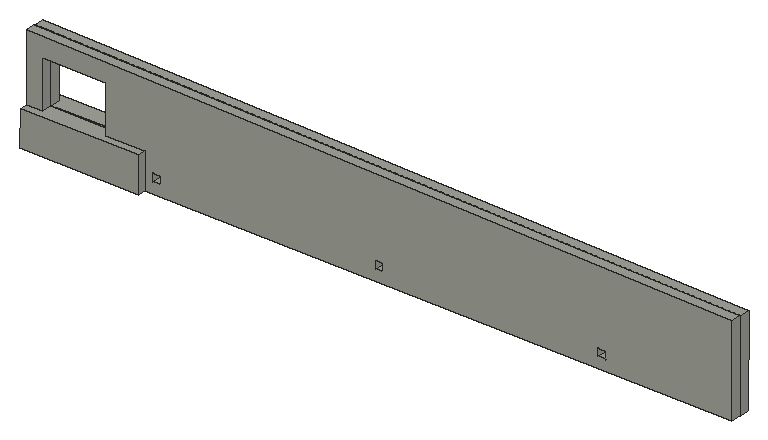
Revit family "CT_Pilotis_Viga_Mestra_Junta", category Structural Framing, Revit 2025
Family settings
  Display in Hidden Views = Edges Hidden by Other Members
  Structural Framing Length Roundoff = 0.000 m
  Section Shape = Not Defined
  Material for Model Behavior = Concrete
  Always export as geometry = No
  OmniClass Number = 23.25.30.11.14.14
  OmniClass Title = Beams
  Always vertical = Yes
  Cut with Voids When Loaded = No
  Symbolic Representation = From Family
  Shared = No
  Show family pre-cut in plan views = Yes
Parameters (values of type "VIG_012x130_CON_PLT_MST_JDI")
  Structural Material [instance] = CT_Concreto
  Material_Vigas = CT_Concreto
  H2 [instance] = 1.140 m
  Comprimento_Modulo [instance] = 7.480 m
  Assembly Code = ""
  Length [instance] = 8.950 m
  b = 0.260 m
  h = 1.300 m
Reference planes (m)
  plane 1 "Center (Front/Back)": y = 0.04
  plane 2: z = 0
  plane 3 "Center (Left/Right)": x = 4.78261
  plane 4: y = 0.17
  plane 5: y = -0.09
  plane 6: z = 1.3
  plane 7 "Left": x = 0.30761
  plane 8 "Right": x = 9.25761
  plane 9: z = 1.14
Forms (m)
  Extrusion 1, solid, material "CT_Concreto" <- "Material_Vigas"
    sketch origin (0, 0.04, 0) x (1, 0, 0) y (0, 0, 1)
      loop
        line (0.30761, 0) -> (9.25761, 0) -> (9.25761, 1.135927) -> (0.30761, 1.3) -> (0.30761, 0)
      loop
        line (1.90761, 0.235833) -> (1.90761, 0.135833) -> (2.00761, 0.135833) -> (2.00761, 0.235833) -> (1.90761, 0.235833)
      loop
        line (4.73261, 0.235833) -> (4.73261, 0.135833) -> (4.83261, 0.135833) -> (4.83261, 0.235833) -> (4.73261, 0.235833)
      loop
        line (7.55761, 0.235833) -> (7.55761, 0.135833) -> (7.65761, 0.135833) -> (7.65761, 0.235833) -> (7.55761, 0.235833)
      loop
        line (0.50761, 1.05) -> (0.50761, 0.45) -> (1.30761, 0.45) -> (1.30761, 1.05) -> (0.50761, 1.05)
    from 0.009831 to 0.13
  Extrusion 2, solid, material "CT_Concreto" <- "Material_Vigas"
    sketch origin (2.22761, 1.192, 0) x (-1, 0, 0) y (0, 0, -1)
      loop
        line (1.92, -0.45) -> (1.92, 0) -> (0.42, 0) -> (0.42, -0.45) -> (1.92, -0.45)
    from 1.161831 to 1.382
  Extrusion 3, solid, material "CT_Concreto" <- "Material_Vigas"
    sketch origin (2.22761, -1.112, 0) x (-1, 0, 0) y (0, 0, 1)
      loop
        line (1.92, 0.45) -> (0.42, 0.45) -> (0.42, 0) -> (1.92, 0) -> (1.92, 0.45)
    from 1.161831 to 1.382
  Extrusion 4, solid, material "CT_Concreto" <- "Material_Vigas"
    sketch origin (0, 0.04, 0) x (1, 0, 0) y (0, 0, -1)
      loop
        line (0.30761, 0) -> (0.30761, -1.3) -> (9.25761, -1.135927) -> (9.25761, 0) -> (0.30761, 0)
      loop
        line (1.90761, -0.235833) -> (2.00761, -0.235833) -> (2.00761, -0.135833) -> (1.90761, -0.135833) -> (1.90761, -0.235833)
      loop
        line (4.73261, -0.235833) -> (4.83261, -0.235833) -> (4.83261, -0.135833) -> (4.73261, -0.135833) -> (4.73261, -0.235833)
      loop
        line (7.55761, -0.235833) -> (7.65761, -0.235833) -> (7.65761, -0.135833) -> (7.55761, -0.135833) -> (7.55761, -0.235833)
      loop
        line (0.50761, -1.05) -> (1.30761, -1.05) -> (1.30761, -0.45) -> (0.50761, -0.45) -> (0.50761, -1.05)
    from 0.009831 to 0.13
Cuts and joins
  joined: Extrusion 1, Extrusion 2
  joined: Extrusion 3, Extrusion 4
Dimensions and locks (m)
  plane 4 to plane 5 = 0.260 m
  plane 2 to plane 6 = 1.300 m
  plane 4 to plane 1 "Center (Front/Back)" to plane 5 = 0.130 m, 0.130 m
  "Length": plane 7 "Left" to plane 8 "Right"
  equal spacing: plane 7 "Left", plane 3 "Center (Left/Right)", plane 8 "Right"
  "h": plane 6 to plane 2
  "H2": plane 9 to level
  "b": plane 4 to plane 5
  aligned and locked: Extrusion 1 to plane 5
  aligned and locked: Extrusion 1 to Extrusion 2
Automatic sketch dimensions
  Extrusion 1 sketch curve to plane 6 = 0.000 m
  plane 7 "Left" to Extrusion 1 sketch curve = 0.000 m
  plane 8 "Right" to Extrusion 1 sketch curve = 0.000 m
  Extrusion 1 sketch curve to level = 0.000 m
  plane 9 to Extrusion 1 sketch curve = 0.090 m
  Extrusion 1 sketch curve to plane 7 "Left" = 0.200 m
  Extrusion 1 sketch curve to Extrusion 1 sketch curve = 0.800 m
  level to Extrusion 1 sketch curve = 0.235833 m  (x2)
  Extrusion 1 sketch curve to Extrusion 1 sketch curve = 0.600 m
  Extrusion 1 sketch curve to Extrusion 1 sketch curve = 0.100 m  (x5)
  Extrusion 1 sketch curve to plane 3 "Center (Left/Right)" = 0.050 m
  plane 3 "Center (Left/Right)" to Extrusion 1 sketch curve = 0.050 m
  plane 8 "Right" to Extrusion 1 sketch curve = 1.700 m
  level to Extrusion 1 sketch curve = 0.135833 m
  level to Extrusion 1 sketch curve = 0.450 m
  plane 9 to Extrusion 1 sketch curve = 0.004073 m
  Extrusion 2 sketch curve to level = 0.000 m
  plane 7 "Left" to Extrusion 2 sketch curve = 0.000 m
  Extrusion 2 sketch curve to Extrusion 2 sketch curve = 1.500 m
  level to Extrusion 2 sketch curve = 0.450 m
  Extrusion 3 sketch curve to level = 0.000 m
  plane 7 "Left" to Extrusion 3 sketch curve = 0.000 m
  Extrusion 3 sketch curve to Extrusion 3 sketch curve = 1.500 m
  Extrusion 3 sketch curve to Extrusion 3 sketch curve = 0.450 m
  Extrusion 4 sketch curve to plane 6 = 0.000 m
  plane 7 "Left" to Extrusion 4 sketch curve = 0.000 m
  plane 8 "Right" to Extrusion 4 sketch curve = 0.000 m
  Extrusion 4 sketch curve to level = 0.000 m
  plane 9 to Extrusion 4 sketch curve = 0.090 m
  Extrusion 4 sketch curve to plane 7 "Left" = 0.200 m
  Extrusion 4 sketch curve to Extrusion 4 sketch curve = 0.800 m
  level to Extrusion 4 sketch curve = 0.235833 m  (x3)
  Extrusion 4 sketch curve to Extrusion 4 sketch curve = 0.600 m
  Extrusion 4 sketch curve to Extrusion 4 sketch curve = 0.100 m  (x5)
  Extrusion 4 sketch curve to plane 3 "Center (Left/Right)" = 0.050 m
  plane 3 "Center (Left/Right)" to Extrusion 4 sketch curve = 0.050 m
  plane 8 "Right" to Extrusion 4 sketch curve = 1.700 m
  plane 9 to Extrusion 4 sketch curve = 0.004073 m
  level to Extrusion 4 sketch curve = 0.450 m
